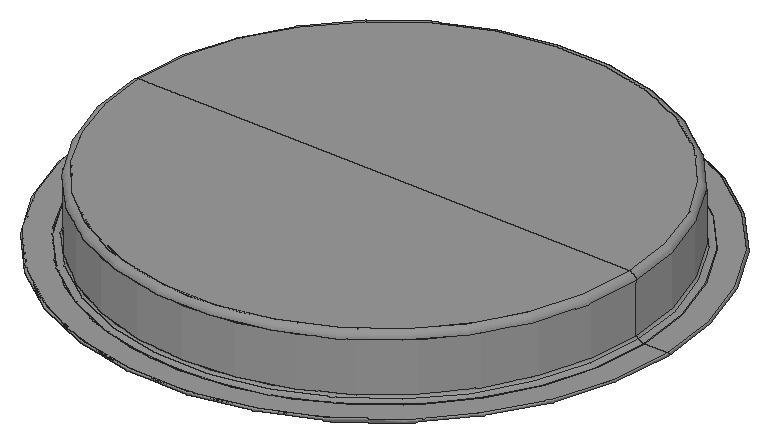
Revit family "MIA12_63_UN_Downlighter_ETK", category Lighting Fixtures, Revit 2017 (continued)
Definition of nested family "MIA.1 - Lightsource"
  Types (8, lengths in mm): name | Wattage | built-in parameter 1150134 | Photometric Web File | built-in parameter 1150142 | built-in parameter 1150105 | Lumens | built-in parameter 1150107 | built-in parameter 1150106
      2.2894 320.0411 317.2972 314.8072 312.5106 \r\n309.5975 306.3218 303.0219 299.8549 296.9781 293.2914 \r\n289.9674 286.5103 282.8599 279.1249 275.559 271.2559 \r\n267.7868 263.5441 259.2893 255.2278 250.9005 246.7908 \r\n242.0887 237.1208 232.6846 227.8375 223.7157 218.2763 \r\n212.8369 207.3976 202.3812 197.2924 192.2277 186.9334 \r\n181.7237 176.7194 171.4856 166.2758 160.6672 155.2158 \r\n149.8731 144.4216 138.9581 133.6275 128.4298 122.8938 \r\n117.2851 111.8095 106.4306 100.8582 95.3584 89.9432 84.4192 \r\n79.0886 73.758 68.234 62.9034 57.6454 52.4961 47.2984 \r\n42.1492 37.1449 32.2253 27.2936 22.4586 17.7203 13.0062 \r\n8.4492 4.0735 1.1121 0.0604 0.0604 0.0604 0.0604 0.0725 \r\n0.0725 0.0725 0.0846 0.0846 0.0967 0.1088 0.1209 0.1209 \r\n0.133 0.133 0.1571 0.1571 0.1692 0.1813 0.1813 0.1934 \r\n0.2055 0.2055 0.2176 0.2297 0.2297 0.2418 0.2538 0.2538 \r\n0.2659 0.2659 0.278 0.2901 0.2901 0.3022 0.3022 0.3143 \r\n0.3264 0.3264 0.3385 0.3385 0.3505 0.3505 0.3626 0.3626 \r\n0.3747 0.3868 0.3868 0.3868 0.411 0.411 0.4231 0.4231 \r\n0.4352 0.4352 0.4472 0.4472 0.4593 0.4593 0.4593 0.4714 \r\n0.4714 0.4714 0.4835 0.4835 0.4835 0.4956 0.4956 0.5198 \r\n0.5198 0.5319 0.5439 0.5439 0.556 0.5681 0.5802 0.5923 \r\n0.5923 0.6044 0.6044 0.6165 0.6165 0.6165 0.6165 0.6286 \r\n0.6286 0.6286 0.6286 0.6286 0.6286 0.6406 \r\n347.3105 347.2259 347.5644 346.8875 346.0776 344.0106 \r\n343.9018 343.2612 342.1612 340.5657 339.6833 338.0152 \r\n335.8637 334.2923 332.4066 330.5572 328.9254 326.3508 \r\n324.0904 321.5762 319.3521 316.4269 313.5501 311.0117 \r\n308.014 304.968 301.8373 297.9935 295.3947 291.9255 \r\n288.2872 284.9873 281.2764 277.2392 273.4437 269.5032 \r\n265.0671 261.2233 256.8113 253.3664 248.6402 244.1919 \r\n239.5503 235.223 230.5572 225.9398 221.0444 216.2456 \r\n211.2656 206.2734 201.4989 196.5188 191.1761 186.0389 \r\n180.8776 175.4382 170.1438 164.7286 159.2409 154.14 \r\n148.7489 143.2612 137.7372 132.189 126.9431 121.129 \r\n115.9072 110.4194 104.9317 99.4319 93.9925 88.4202 83.1621 \r\n77.6623 72.235 67.0615 61.6826 56.4366 51.1664 46.0534 \r\n40.9525 35.9483 30.9924 26.0486 21.274 16.4511 11.7732 \r\n7.2283 3.0219 0.689 0.0846 0.0846 0.0725 0.0725 0.0725 \r\n0.0725 0.0725 0.0725 0.0725 0.0846 0.0846 0.0967 0.0967 \r\n0.1088 0.1088 0.1209 0.133 0.1451 0.1571 0.1571 0.1692 \r\n0.1813 0.1813 0.1934 0.2055 0.2176 0.2176 0.2297 0.2297 \r\n0.2418 0.2538 0.2659 0.2659 0.278 0.278 0.278 0.2901 0.2901 \r\n0.3022 0.3143 0.3264 0.3264 0.3264 0.3385 0.3385 0.3505 \r\n0.3626 0.3626 0.3868 0.3868 0.3868 0.3989 0.3989 0.411 \r\n0.411 0.4231 0.4352 0.4352 0.4352 0.4352 0.4472 0.4472 \r\n0.4472 0.4593 0.4593 0.4593 0.4714 0.4714 0.4956 0.4956 \r\n0.5077 0.5077 0.5198 0.5439 0.556 0.556 0.556 0.5681 0.5802 \r\n0.5923 0.6165 0.6286 0.6286 0.6286 0.6406 0.6406 0.6406 \r\n0.6406 0.6406 0.6406 0.6406 \r\n346.7666 346.4402 345.9567 345.9446 345.3282 344.204 \r\n343.8293 342.4634 341.1822 340.2998 338.5833 337.3625 \r\n335.9362 333.8813 331.8143 330.2671 327.9463 326.0123 \r\n323.1234 320.851 318.8444 316.161 313.3084 309.9601 307.047 \r\n304.4119 301.0274 298.2352 294.5002 291.164 287.5257 284.25 \r\n280.6479 276.792 273.202 268.9955 264.7286 260.4497 \r\n256.6421 252.0972 247.9874 243.7689 239.3207 234.3406 \r\n229.9045 225.2992 220.0169 214.7347 209.4524 204.3515 \r\n199.033 194.0409 188.9399 184.0687 178.9073 173.8547 \r\n168.5241 163.121 157.8025 152.2422 146.8875 141.4481 \r\n136.0812 130.7869 125.1058 119.7026 114.3721 108.7997 \r\n103.3724 97.8605 92.4816 87.0543 81.6632 76.1876 70.7845 \r\n65.4901 60.1837 54.974 49.8006 44.5062 39.4778 34.4615 \r\n29.5298 24.719 19.896 15.1094 10.4557 5.9591 2.0911 0.2538 \r\n0.0725 0.0725 0.0725 0.0725 0.0725 0.0846 0.0846 0.0967 \r\n0.0967 0.1088 0.1209 0.1209 0.133 0.1451 0.1451 0.1571 \r\n0.1692 0.1692 0.1813 0.1934 0.1934 0.2176 0.2176 0.2297 \r\n0.2297 0.2418 0.2538 0.2538 0.2659 0.278 0.278 0.2901 \r\n0.2901 0.3022 0.3022 0.3143 0.3264 0.3264 0.3385 0.3385 \r\n0.3505 0.3505 0.3626 0.3626 0.3747 0.3747 0.3868 0.3868 \r\n0.3989 0.411 0.4231 0.4231 0.4352 0.4352 0.4472 0.4593 \r\n0.4593 0.4593 0.4714 0.4714 0.4714 0.4835 0.4835 0.4835 \r\n0.4835 0.4956 0.4956 0.5198 0.5198 0.5319 0.5439 0.556 \r\n0.556 0.5681 0.5802 0.5923 0.5923 0.6044 0.6044 0.6165 \r\n0.6165 0.6165 0.6165 0.6286 0.6286 0.6286 0.6286 0.6286 \r\n0.6286 0.6286 0.6406 \r\n348.3742 347.5281 347.0446 347.1171 345.6545 344.7842 \r\n343.8777 343.237 342.1008 340.3965 338.4987 337.5438 \r\n335.912 334.1956 332.2737 329.9529 327.7408 325.8915 \r\n323.3652 320.5488 318.3126 315.8226 312.6315 309.8392 \r\n307.0591 303.2636 300.5198 297.5341 294.0892 290.463 \r\n286.8609 282.6061 279.0161 275.5953 271.2438 267.8956 \r\n263.6287 259.6156 255.0465 251.1302 247.0688 241.9437 \r\n237.6163 232.9385 228.3694 223.6674 218.7598 213.8281 \r\n208.6547 204.0251 198.9605 194.1738 189.0729 183.6335 \r\n178.7381 173.4196 167.9197 162.7342 157.2465 151.8433 \r\n146.2106 140.8316 135.1988 129.832 124.308 118.7477 \r\n113.2117 107.7602 102.3208 97.099 91.5146 86.0389 80.5633 \r\n75.2206 69.7329 64.5111 59.2288 53.9707 48.7731 43.6359 \r\n38.6196 33.6637 28.732 23.7036 18.9653 14.2391 9.537 5.0888 \r\n1.5835 0.1451 0.0846 0.0846 0.0846 0.0846 0.0846 0.0846 \r\n0.0846 0.0846 0.0846 0.0846 0.0846 0.0967 0.0967 0.1209 \r\n0.1209 0.133 0.1451 0.1571 0.1571 0.1571 0.1692 0.1813 \r\n0.1934 0.2055 0.2055 0.2176 0.2297 0.2297 0.2418 0.2418 \r\n0.2538 0.2659 0.2659 0.278 0.278 0.2901 0.2901 0.3022 \r\n0.3022 0.3264 0.3264 0.3264 0.3264 0.3385 0.3385 0.3505 \r\n0.3626 0.3626 0.3747 0.3868 0.3868 0.3989 0.411 0.411 \r\n0.4231 0.4352 0.4352 0.4472 0.4472 0.4472 0.4472 0.4472 \r\n0.4472 0.4593 0.4593 0.4593 0.4714 0.4835 0.4956 0.4956 \r\n0.5077 0.5198 0.5319 0.5439 0.556 0.556 0.5681 0.5681 \r\n0.5802 0.5923 0.6165 0.6286 0.6406 0.6406 0.6406 0.6527 \r\n0.6527 0.6527 0.6648 0.6406 0.6406 \r\n347.794 347.371 346.549 345.9688 345.4491 344.1557 343.1403 \r\n342.959 341.8953 340.8316 339.2965 338.0152 336.5526 \r\n334.2439 332.5758 330.7385 328.2364 325.9277 323.6069 \r\n321.1531 318.0829 315.8951 312.9941 310.1777 306.8174 \r\n304.1702 301.0758 297.6429 294.3914 290.8014 287.2477 \r\n283.7906 280.1644 276.5623 272.1262 268.1736 264.1605 \r\n259.8936 255.7597 251.5774 246.4886 242.3305 237.8581 \r\n233.2165 228.6595 224.2596 218.8323 213.4051 207.9898 \r\n202.9373 197.8847 193.0134 188.0938 182.6544 177.2996 \r\n172.0778 166.6143 161.1386 155.9289 150.6588 145.3161 \r\n139.8042 134.3165 128.7199 123.3893 117.8049 112.4501 \r\n106.902 101.4384 95.9265 90.5597 84.9752 79.4875 74.1569 \r\n68.8867 63.5803 58.153 53.0037 47.8545 42.7052 37.6526 \r\n32.6725 27.7529 22.8938 18.0708 13.3688 8.7393 4.3757 \r\n1.2571 0.0725 0.0725 0.0725 0.0725 0.0846 0.0846 0.0967 \r\n0.1088 0.1088 0.1088 0.1209 0.133 0.1451 0.1451 0.1571 \r\n0.1571 0.1692 0.1813 0.1934 0.1934 0.2055 0.2055 0.2176 \r\n0.2297 0.2418 0.2418 0.2538 0.2659 0.2659 0.278 0.2901 \r\n0.3022 0.3022 0.3022 0.3143 0.3143 0.3264 0.3264 0.3385 \r\n0.3385 0.3505 0.3626 0.3626 0.3747 0.3747 0.3868 0.3989 \r\n0.3989 0.3989 0.411 0.4231 0.4352 0.4352 0.4472 0.4472 \r\n0.4593 0.4593 0.4714 0.4714 0.4835 0.4835 0.4835 0.4835 \r\n0.4835 0.4956 0.4956 0.5077 0.5077 0.5198 0.5319 0.5439 \r\n0.5439 0.556 0.556 0.5681 0.5802 0.5923 0.6044 0.6044 \r\n0.6165 0.6165 0.6165 0.6165 0.6286 0.6286 0.6286 0.6406 \r\n0.6406 0.6286 0.6286 0.6286 0.6406 \r\n346.5369 347.3589 346.6941 345.5578 344.8689 344.5546 \r\n343.6843 342.4755 341.2909 340.0701 337.979 336.4439 \r\n334.7033 332.878 330.8957 328.7804 326.242 324.5497 \r\n322.4828 319.6543 317.128 314.1061 311.5073 308.9568 \r\n306.1767 302.4538 299.6857 296.2045 292.9772 289.0729 \r\n285.5796 282.1588 278.4238 274.3503 270.4219 266.6747 \r\n262.3595 258.2618 253.7773 249.5105 245.026 240.8558 \r\n236.0571 231.5242 226.7376 221.9267 217.5269 212.4622 \r\n207.3009 202.3208 197.1232 192.2398 187.2598 182.1226 \r\n176.5623 171.4614 166.1912 160.8969 155.4817 150.1632 \r\n144.748 139.1877 133.6637 128.043 122.5553 117.1038 \r\n111.6403 106.1646 100.7011 95.2133 89.7981 84.5763 78.9073 \r\n73.6371 68.1857 63.0968 57.6816 52.5565 47.371 42.2338 \r\n37.1328 32.2495 27.342 22.4707 17.7324 13.0424 8.425 4.0856 \r\n1.1604 0.1088 0.0846 0.0846 0.0846 0.0846 0.0846 0.0846 \r\n0.0846 0.0846 0.0846 0.0846 0.0967 0.1088 0.1209 0.1209 \r\n0.133 0.1451 0.1451 0.1571 0.1692 0.1813 0.1813 0.2055 \r\n0.2055 0.2176 0.2176 0.2176 0.2297 0.2418 0.2538 0.2659 \r\n0.2659 0.2659 0.278 0.278 0.2901 0.2901 0.3022 0.3143 \r\n0.3264 0.3264 0.3264 0.3264 0.3385 0.3385 0.3505 0.3626 \r\n0.3747 0.3868 0.3868 0.3868 0.3989 0.411 0.411 0.4231 \r\n0.4352 0.4472 0.4352 0.4472 0.4472 0.4472 0.4472 0.4593 \r\n0.4593 0.4593 0.4593 0.4714 0.4714 0.4956 0.4956 0.5077 \r\n0.5077 0.5198 0.5319 0.556 0.556 0.556 0.5681 0.5681 0.5802 \r\n0.6044 0.6286 0.6286 0.6406 0.6406 0.6406 0.6648 0.6648 \r\n0.6648 0.6648 0.6527 0.6406 \r\n347.0688 347.0204 346.4402 345.8238 345.4249 344.7722 \r\n343.9502 343.0315 341.6536 340.2031 338.68 337.1812 \r\n335.2593 333.3011 331.3067 329.4935 327.5474 325.2025 \r\n322.7124 320.0894 317.3818 314.9039 312.3776 309.3678 \r\n306.5393 303.4329 300.133 296.8814 293.6299 290.0157 \r\n286.7158 282.8116 279.2095 275.2689 271.3042 267.0374 \r\n262.8792 258.8662 254.5509 250.3082 245.9567 241.5327 \r\n236.7098 232.2253 227.4024 223.1355 217.5269 211.9304 \r\n207.0833 202.1516 197.4374 192.0343 186.8004 181.9775 \r\n176.5986 171.2196 165.8286 160.5464 155.0949 149.6313 \r\n144.059 138.813 133.5187 127.9342 122.519 116.9709 111.5073 \r\n106.08 100.5681 95.1287 89.7377 84.3467 78.8469 73.3591 \r\n68.0648 62.6858 57.4761 52.2785 47.2138 42.0283 36.8911 \r\n31.9715 27.0277 22.1806 17.5148 12.7886 8.2558 3.9889 \r\n1.0758 0.0725 0.0725 0.0725 0.0846 0.0846 0.0846 0.0967 \r\n0.0967 0.1088 0.1209 0.1209 0.133 0.1451 0.1571 0.1571 \r\n0.1692 0.1813 0.1813 0.1934 0.2055 0.2176 0.2297 0.2297 \r\n0.2418 0.2418 0.2538 0.2659 0.2659 0.278 0.2901 0.2901 \r\n0.3022 0.3022 0.3143 0.3264 0.3264 0.3264 0.3385 0.3505 \r\n0.3505 0.3626 0.3626 0.3626 0.3747 0.3868 0.3868 0.3989 \r\n0.3989 0.411 0.411 0.4231 0.4352 0.4352 0.4472 0.4593 \r\n0.4593 0.4714 0.4714 0.4714 0.4835 0.4835 0.4835 0.4956 \r\n0.4956 0.4956 0.4956 0.5077 0.5077 0.5198 0.5319 0.5439 \r\n0.5439 0.556 0.5681 0.5681 0.5923 0.5923 0.6044 0.6044 \r\n0.6165 0.6286 0.6286 0.6286 0.6286 0.6286 0.6406 0.6406 \r\n0.6406 0.6406 0.6406 0.6406 0.6406 \r\n347.794 347.5885 347.0083 346.0293 345.9084 344.9776 \r\n343.4304 342.1612 341.9437 339.8404 338.813 337.3988 \r\n335.3922 333.5549 331.6088 329.7836 327.8134 325.42 \r\n322.7366 320.1982 317.5752 314.4446 312.148 309.4041 \r\n306.4547 302.8889 300.2176 296.5913 293.2431 289.5806 \r\n285.7851 282.7028 279.004 275.3052 270.8812 267.1945 \r\n262.9759 258.8058 254.3334 250.1632 245.7029 241.436 \r\n236.746 232.2495 227.5595 222.785 217.7324 213.0424 \r\n207.9778 203.1307 197.788 192.6508 187.707 182.8478 \r\n177.5656 172.2954 166.5659 161.3441 155.8564 150.5016 \r\n145.0381 139.7921 134.4252 128.4057 123.0992 117.4665 \r\n111.9666 106.4789 100.9791 95.576 90.0641 84.7576 79.2337 \r\n73.8184 68.4758 63.1452 57.8992 52.7257 47.5885 42.4755 \r\n37.3262 32.4066 27.4266 22.6399 17.8774 13.2117 8.6547 \r\n4.3032 1.2813 0.1088 0.0846 0.0846 0.0846 0.0846 0.0846 \r\n0.0846 0.0846 0.0846 0.0967 0.0967 0.0967 0.1088 0.1088 \r\n0.1209 0.133 0.1571 0.1571 0.1571 0.1692 0.1813 0.1934 \r\n0.2055 0.2176 0.2055 0.2176 0.2297 0.2418 0.2418 0.2538 \r\n0.2659 0.2659 0.278 0.278 0.2901 0.2901 0.3022 0.3264 \r\n0.3264 0.3264 0.3264 0.3264 0.3385 0.3505 0.3505 0.3505 \r\n0.3747 0.3747 0.3868 0.3868 0.3989 0.3989 0.3989 0.4231 \r\n0.4352 0.4352 0.4472 0.4472 0.4472 0.4472 0.4472 0.4593 \r\n0.4593 0.4593 0.4714 0.4714 0.4714 0.4714 0.4956 0.5077 \r\n0.5077 0.5077 0.5319 0.5319 0.556 0.556 0.556 0.5681 0.5802 \r\n0.5802 0.6044 0.6286 0.6406 0.6406 0.6527 0.6648 0.6769 \r\n0.6769 0.6769 0.6769 0.6527 0.6406 \r\n347.4918 347.4556 347.4556 346.5853 345.7633 345.2194 \r\n344.5062 343.2733 341.581 341.2426 340.5899 338.3053 \r\n336.4318 334.5582 333.3495 331.8627 329.8682 327.2211 \r\n325.4805 323.4014 320.7422 318.4093 315.6171 312.7644 \r\n309.3195 306.4668 303.6383 300.0363 296.7243 292.7354 \r\n290.6322 287.6224 283.5489 279.7292 275.5107 271.7152 \r\n266.9527 264.6803 259.1563 254.9015 250.1994 246.0413 \r\n241.3756 237.3262 232.6363 228.0189 222.9542 217.9862 \r\n212.704 207.5184 202.7076 197.5221 192.4816 187.1389 \r\n182.4006 176.5744 171.0141 165.5627 160.4134 154.841 \r\n148.9061 143.4063 137.8944 132.2857 126.5079 121.0081 \r\n115.2665 109.5975 103.9284 98.2594 93.1222 87.0301 81.8687 \r\n76.1272 70.5669 65.0792 59.8453 54.2488 49.039 43.8051 \r\n38.5713 33.5308 28.4661 23.5223 18.6389 13.8523 9.1261 4.69 \r\n1.4868 0.1571 0.133 0.133 0.133 0.133 0.1451 0.1451 0.1451 \r\n0.1451 0.1451 0.1451 0.1451 0.1571 0.1692 0.1813 0.1934 \r\n0.2055 0.2055 0.2176 0.2297 0.2418 0.2538 0.2659 0.2659 \r\n0.278 0.2901 0.3022 0.3143 0.3264 0.3264 0.3385 0.3385 \r\n0.3505 0.3626 0.3626 0.3747 0.3747 0.3868 0.3989 0.3989 \r\n0.411 0.411 0.4352 0.4352 0.4352 0.4472 0.4472 0.4472 \r\n0.4593 0.4714 0.4714 0.4835 0.4835 0.4956 0.4956 0.4956 \r\n0.5077 0.5077 0.5077 0.5198 0.5319 0.5439 0.5439 0.5439 \r\n0.556 0.556 0.556 0.556 0.556 0.556 0.556 0.556 0.556 0.556 \r\n0.556 0.556 0.556 0.556 0.5681 0.5681 0.5802 0.5802 0.6165 \r\n0.6406 0.6648 0.6648 0.6769 0.6769 0.6769 0.6769 0.6769 \r\n0.6406 \r\n348.6764 349.6434 348.4468 348.1446 347.9753 346.8512 \r\n345.9688 344.9535 344.337 342.7535 342.1612 341.3151 \r\n338.7526 337.5076 335.6098 334.1593 331.3187 329.8924 \r\n327.487 326.0002 322.9058 320.3916 317.6115 315.1457 \r\n312.3414 309.4524 306.0558 303.2757 299.9637 296.6759 \r\n292.9772 289.6531 286.1235 282.4973 277.9524 274.169 \r\n270.2889 266.1912 262.1903 257.6212 253.1971 248.8215 \r\n244.3612 239.635 235.078 230.666 225.6739 220.1499 214.6259 \r\n209.114 204.279 198.9846 193.7024 188.4806 183.2346 \r\n177.9886 172.5734 166.989 161.4287 155.9531 150.5137 \r\n144.8809 139.3207 133.5912 128.0068 122.374 116.7412 \r\n111.2897 105.6086 99.6736 93.9079 88.4564 82.9566 77.3963 \r\n71.9811 66.4451 60.9452 55.7355 50.1994 44.9414 39.6229 \r\n34.5703 29.4694 24.4893 19.5455 14.7105 10.0447 5.4998 \r\n1.8252 0.1934 0.1088 0.1088 0.1209 0.1209 0.1209 0.1209 \r\n0.133 0.133 0.1451 0.1571 0.1571 0.1813 0.1934 0.2055 \r\n0.2055 0.2176 0.2297 0.2418 0.2538 0.2538 0.2659 0.278 \r\n0.2901 0.2901 0.3022 0.3143 0.3264 0.3385 0.3385 0.3505 \r\n0.3626 0.3747 0.3747 0.3868 0.3868 0.3868 0.3989 0.411 \r\n0.4231 0.4352 0.4352 0.4472 0.4472 0.4593 0.4593 0.4714 \r\n0.4714 0.4835 0.4956 0.4956 0.4956 0.4956 0.5077 0.5077 \r\n0.5198 0.5198 0.5319 0.5319 0.5319 0.5319 0.5319 0.5319 \r\n0.5439 0.5439 0.5439 0.5439 0.5439 0.5439 0.5439 0.5439 \r\n0.5439 0.5439 0.556 0.556 0.5681 0.5681 0.5681 0.5802 \r\n0.5923 0.5923 0.6044 0.6406 0.6527 0.6527 0.6648 0.6648 \r\n0.6648 0.6769 0.6648 0.6406 0.6406 \r\n347.5281 347.8666 347.5765 347.105 347.7094 346.2952 \r\n345.2677 344.059 343.6238 343.5392 342.2217 340.336 \r\n339.1515 337.4109 335.5494 333.4582 331.2825 329.5177 \r\n327.354 325.3596 323.0751 320.8751 317.7807 314.5171 \r\n312.2326 309.5491 306.1525 302.623 299.5528 296.41 293.6057 \r\n290.197 286.2202 282.3039 278.448 275.1481 270.8933 266.711 \r\n262.0815 258.008 253.4147 248.8336 244.6271 240.1547 \r\n235.5373 230.4364 225.831 221.3345 216.1731 210.8546 \r\n205.6086 200.6527 195.6364 190.2816 185.1082 179.56 174.169 \r\n168.7296 163.2902 158.1289 152.4235 146.6578 141.0371 \r\n135.3197 129.6869 124.0662 118.3609 112.7402 107.1437 \r\n101.5472 95.9023 90.3179 84.6005 78.9556 73.3591 67.823 \r\n62.3837 57.1256 51.6016 46.2952 41.0734 36.0087 30.8715 \r\n25.8068 20.863 16.0039 11.2535 6.6481 2.623 0.5319 0.133 \r\n0.133 0.133 0.133 0.133 0.133 0.133 0.133 0.133 0.133 \r\n0.1451 0.1571 0.1692 0.1692 0.1813 0.1934 0.2055 0.2176 \r\n0.2176 0.2176 0.2418 0.2418 0.2659 0.2659 0.278 0.278 \r\n0.2901 0.3022 0.3264 0.3264 0.3264 0.3385 0.3505 0.3505 \r\n0.3505 0.3626 0.3626 0.3868 0.3868 0.3868 0.3989 0.411 \r\n0.4231 0.4352 0.4352 0.4472 0.4472 0.4472 0.4593 0.4593 \r\n0.4714 0.4835 0.4956 0.4956 0.4956 0.4956 0.4956 0.5077 \r\n0.5077 0.5198 0.5198 0.5439 0.556 0.556 0.556 0.556 0.556 \r\n0.556 0.556 0.556 0.556 0.556 0.556 0.556 0.556 0.556 0.556 \r\n0.556 0.556 0.556 0.5681 0.6165 0.6406 0.6406 0.6648 0.6769 \r\n0.6769 0.6769 0.6769 0.6648 0.6406 \r\n348.1083 347.1534 347.3831 347.4918 347.3347 346.5248 \r\n346.0051 345.2436 343.648 342.7656 341.4843 340.4569 \r\n339.1635 337.5317 336.3472 334.3527 332.4791 330.4605 \r\n328.2364
       326.0002 323.6069 321.0564 318.2159 316.294 \r\n312.4622 310.3227 307.2404 303.6504 301.0879 297.6188 \r\n294.1376 290.463 287.1993 283.5368 279.7534 275.7283 \r\n272.2833 268.0285 263.5441 259.386 255.4212 250.3082 \r\n246.3798 241.8107 237.3746 232.455 227.6562 223.6311 \r\n218.0104 212.3897 206.7811 201.6923 196.4463 191.2003 \r\n185.8576 180.8292 175.281 169.5757 164.2814 158.8904 \r\n153.5598 147.9874 142.5239 136.7944 131.2462 125.5893 \r\n119.8598 113.9732 108.4733 102.7922 97.244 91.6959 86.1114 \r\n80.5028 74.8942 69.3582 63.8704 58.3464 53.0521 47.7336 \r\n42.5239 37.2416 32.177 27.209 22.2289 17.3577 12.571 7.9778 \r\n3.59 0.9791 0.0967 0.1088 0.1088 0.1088 0.1209 0.1209 0.133 \r\n0.133 0.1451 0.1571 0.1571 0.1692 0.1813 0.1813 0.1934 \r\n0.2055 0.2176 0.2297 0.2297 0.2418 0.2538 0.2538 0.2659 \r\n0.278 0.2901 0.3022 0.3143 0.3264 0.3264 0.3385 0.3505 \r\n0.3505 0.3626 0.3747 0.3747 0.3747 0.3868 0.3989 0.3989 \r\n0.411 0.4231 0.4231 0.4352 0.4472 0.4593 0.4593 0.4593 \r\n0.4714 0.4714 0.4835 0.4956 0.4956 0.4956 0.4956 0.5077 \r\n0.5198 0.5198 0.5198 0.5198 0.5198 0.5198 0.5198 0.5198 \r\n0.5319 0.5319 0.5319 0.5319 0.5319 0.5319 0.5319 0.5439 \r\n0.5439 0.5439 0.556 0.556 0.556 0.5681 0.5681 0.5802 0.5923 \r\n0.6044 0.6165 0.6165 0.6286 0.6406 0.6406 0.6527 0.6406 \r\n0.6406 0.6406 0.6406 \r\n347.5765 347.5039 347.6852 347.6611 346.96 345.9446 \r\n345.3403 344.8809 343.7931 343.1887 341.9195 340.3239 \r\n338.9581 337.435 335.767 334.0505 332.2253 330.0979 \r\n328.4177 326.0002 323.7278 321.2982 318.6631 316.1247 \r\n313.2842 310.0085 307.3009 304.2065 300.9428 297.3891 \r\n294.0529 290.6805 287.5982 283.8994 280.0677 276.526 \r\n272.4163 268.2945 264.1243 260.1837 255.8806 251.5412 \r\n246.8633 242.3063 238.0998 232.9868 228.2727 223.5586 \r\n218.4939 213.2842 208.3646 203.5054 198.5011 193.2793 \r\n188.3839 182.872 176.9975 171.6548 166.3121 161.1266 \r\n155.6872 149.9214 144.2766 138.5713 133.0231 127.2332 \r\n121.7938 115.9797 110.3832 104.7867 99.178 93.4969 87.985 \r\n82.2434 76.7799 71.0988 65.6956 60.3409 54.9377 49.6313 \r\n44.2403 39.0668 33.8934 28.8166 23.8487 18.9653 14.1787 \r\n9.4524 4.9438 1.5472 0.1692 0.1209 0.133 0.133 0.133 0.133 \r\n0.133 0.133 0.133 0.133 0.133 0.1451 0.1451 0.1571 0.1692 \r\n0.1692 0.1813 0.1934 0.2055 0.2176 0.2176 0.2297 0.2418 \r\n0.2659 0.2659 0.2659 0.278 0.2901 0.2901 0.3143 0.3143 \r\n0.3264 0.3385 0.3385 0.3385 0.3505 0.3505 0.3747 0.3868 \r\n0.3868 0.3868 0.3989 0.411 0.4231 0.4231 0.4352 0.4472 \r\n0.4472 0.4472 0.4593 0.4593 0.4714 0.4835 0.4835 0.4835 \r\n0.4956 0.4956 0.4956 0.5077 0.5077 0.5198 0.5198 0.5319 \r\n0.5319 0.5319 0.5319 0.5319 0.5319 0.5319 0.5319 0.5439 \r\n0.5439 0.5439 0.5439 0.5439 0.5439 0.5439 0.556 0.556 0.556 \r\n0.5802 0.6165 0.6286 0.6406 0.6527 0.6769 0.6769 0.6769 \r\n0.6769 0.6648 0.6406 \r\n347.3105 347.3226 348.0358 346.96 347.0446 346.1018 \r\n345.4853 345.3282 344.4337 344.1436 342.2096 341.5569 \r\n340.1426 338.7405 336.8669 335.1021 333.1198 331.1495 \r\n329.4331 326.9914 325.6134 322.3982 320.6213 318.2521 \r\n314.9281 311.7732 309.2228 306.5152 302.7439 299.867 \r\n296.3254 293.1222 289.2784 286.4015 282.1347 278.1941 \r\n274.5195 270.857 266.2517 262.154 258.2497 253.5477 \r\n249.3171 245.0864 240.6382 235.8153 231.4517 226.6771 \r\n221.0927 215.5083 209.9238 204.5449 199.2143 193.9562 \r\n189.2663 183.706 178.5084 173.4075 168.5604 162.9397 \r\n157.186 151.5895 146.1743 140.3965 134.7879 128.9254 \r\n123.2806 117.817 112.2688 106.4064 100.9428 95.1529 89.4718 \r\n84.0566 78.4117 72.8514 67.3033 61.9122 56.5454 51.106 \r\n45.86 40.602 35.4043 30.3276 25.3113 20.3916 15.4599 \r\n10.8062 6.1767 2.212 0.3505 0.0967 0.1088 0.1088 0.1088 \r\n0.1209 0.1209 0.133 0.133 0.1451 0.1451 0.1571 0.1692 \r\n0.1813 0.1934 0.1934 0.2055 0.2176 0.2176 0.2418 0.2418 \r\n0.2538 0.2538 0.2659 0.278 0.2901 0.3022 0.3143 0.3264 \r\n0.3264 0.3385 0.3505 0.3626 0.3626 0.3626 0.3747 0.3747 \r\n0.3868 0.3989 0.411 0.4231 0.4231 0.4231 0.4352 0.4472 \r\n0.4593 0.4593 0.4714 0.4714 0.4835 0.4956 0.4956 0.5077 \r\n0.5077 0.5077 0.5198 0.5198 0.5198 0.5319 0.5319 0.5319 \r\n0.5319 0.5319 0.5319 0.5319 0.5319 0.5319 0.5319 0.5319 \r\n0.5439 0.5439 0.5439 0.5439 0.556 0.556 0.556 0.5681 0.5681 \r\n0.5802 0.5923 0.5923 0.6044 0.6044 0.6165 0.6165 0.6286 \r\n0.6286 0.6286 0.6286 0.6286 0.6406 \r\n" | 79.577 (stored number, unit not read) | 1000 lm | 3000 (stored number, unit not read) | 0.79577 (stored number, unit not read)
